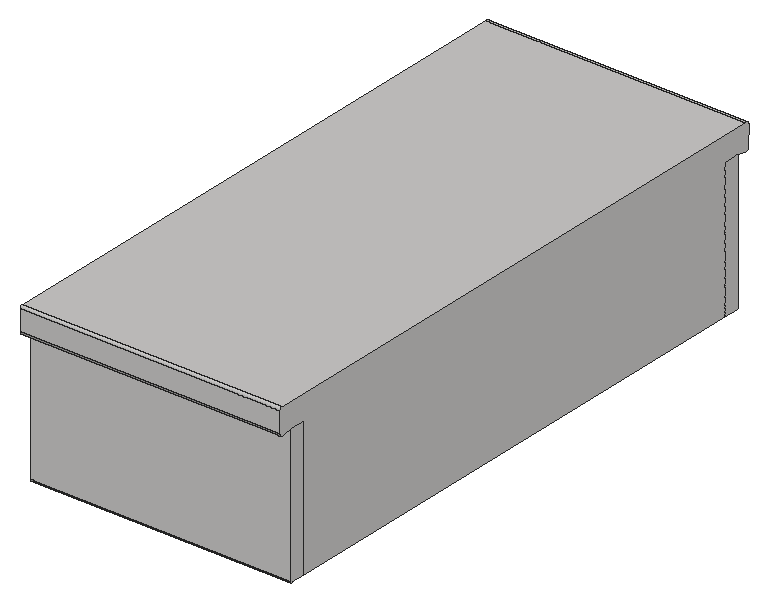
Revit family "QF_ELECTROLUXPROFESSIONAL_589156_MCNABADOOO", category Specialty Equipment, Revit 2018
Family settings
  Round Connector Dimension = Use Diameter
  Part Type = Normal
  Work Plane-Based = No
  Always vertical = Yes
  Cut with Voids When Loaded = No
  Shared = No
  Room Calculation Point = No
Parameters
  Weight in Pounds = 46
  URL Cutsheet = "www.electrolux.com/professional"
  URL = "www.electrolux.com/professional"
  Type Mark [instance] = ""
  Status [instance] = ""
  Specification by User [instance] = ""
  Specification by Manufacturer = ""
  Serial Number = ""
  Seismic Rating = ""
  SMACNA No = ""
  Revision Code [instance] = ""
  Omniclass Number and Title = ""
  NAFEM Spec ID Number = ""
  Model = "589156"
  Masterspec = ""
  Manufacturer = "ELECTROLUX"
  Item Number [instance] = ""
  Installed By [instance] = ""
  Identify Quantity as Lot [instance] = yes
  Furnished By [instance] = ""
  Foodservice Equipment Identifier [instance] = yes
  Direct Waste Size = 0"
  Description = "WORK TOP,CLOSED,1-SIDE,400X900X250H"
  CSI MasterFormat = ""
  CSI Master Format = ""
Reference planes
  plane 1 "BACK": y = 0
  plane 2: z = 0
  plane 3 "LEFT": x = 0
  plane 4 "RIGHT": x = 400
  plane 5 "FRONT": y = -900
  plane 6 "TOP": z = 250
  plane 7 "Center Y": x = 200
  plane 8 "Center X": y = -450
Forms (mm)
  Extrusion 1, solid, material "QF_Finishes_Stainless Steel"
    sketch origin (0, 50.048, 0) x (0, 1, 0) y (0, 0, 1)
      loop
        line (-95.048, 213) -> (-71.412, 213) -> (-54.743, 210.061)
        arc (-54.743, 210.061) -> (-51.477, 210.936) -> (-50.048, 214) r 4
        line (-50.048, 214) -> (-50.048, 246)
        arc (-50.048, 246) -> (-51.22, 248.828) -> (-54.048, 250) r 4
        line (-54.048, 250) -> (-946.048, 250)
        arc (-946.048, 250) -> (-948.877, 248.828) -> (-950.048, 246) r 4
        line (-950.048, 246) -> (-950.048, 214)
        arc (-950.048, 214) -> (-948.619, 210.936) -> (-945.353, 210.061) r 4
        line (-945.353, 210.061) -> (-928.509, 213) -> (-905.048, 213) -> (-905.048, 0) -> (-95.048, 0) -> (-95.048, 213)
    from 0 to 400
  Extrusion 2, solid, material "QF_Finishes_Stainless Steel"
    sketch origin (0, 50.048, 0) x (0, 1, 0) y (0, 0, 1)
      loop
        arc (-928.048, 213) -> (-929.462, 212.414) -> (-930.048, 211) r 2
        line (-930.048, 211) -> (-930.048, 2)
        arc (-930.048, 2) -> (-929.462, 0.586) -> (-928.048, 0) r 2
        line (-928.048, 0) -> (-905.048, 0) -> (-905.048, 213) -> (-928.048, 213)
      loop
        line (-72.048, 213) -> (-95.048, 213) -> (-95.048, 0) -> (-72.048, 0)
        arc (-72.048, 0) -> (-70.634, 0.586) -> (-70.048, 2) r 2
        line (-70.048, 2) -> (-70.048, 211)
        arc (-70.048, 211) -> (-70.634, 212.414) -> (-72.048, 213) r 2
    from 0 to 400
Lines and regions (mm)
  symbolic lines
    curve 1: line (0, 0, 0) -> (400, 0, 0)
    curve 2: line (0, -900, 0) -> (0, 0, 0)
    curve 3: line (400, -900, 0) -> (0, -900, 0)
    curve 4: line (400, 0, 0) -> (400, -900, 0)
Dimensions and locks
  equal spacing: plane 3 "LEFT", plane 7 "Center Y", plane 4 "RIGHT"
  plane 3 "LEFT" to plane 4 "RIGHT" = 400.00 mm
  equal spacing: plane 5 "FRONT", plane 8 "Center X", plane 1 "BACK"
  plane 5 "FRONT" to plane 1 "BACK" = 900.00 mm
  plane 6 "TOP" to level = 250.00 mm
  aligned and locked: level to plane 2
  aligned and locked: Extrusion 1 to plane 4 "RIGHT"
  aligned and locked: Extrusion 2 to plane 4 "RIGHT"
Automatic sketch dimensions
  Extrusion 1 sketch curve to plane 6 "TOP" = 0.00 mm
  Extrusion 1 sketch curve to level = 0.00 mm
  Extrusion 1 sketch curve to plane 6 "TOP" = 36.00 mm
  plane 5 "FRONT" to Extrusion 1 sketch curve = 0.00 mm
  Extrusion 1 sketch curve to plane 6 "TOP" = 39.939 mm
  Extrusion 1 sketch curve to Extrusion 1 sketch curve = 4.00 mm
  Extrusion 1 sketch curve to Extrusion 1 sketch curve = 4.695 mm  (x2)
  Extrusion 1 sketch curve to Extrusion 1 sketch curve = 16.844 mm
  Extrusion 1 sketch curve to plane 5 "FRONT" = 45.00 mm
  plane 1 "BACK" to Extrusion 1 sketch curve = 45.00 mm
  Extrusion 1 sketch curve to Extrusion 1 sketch curve = 23.636 mm
  Extrusion 1 sketch curve to Extrusion 1 sketch curve = 17.364 mm
  Extrusion 1 sketch curve to Extrusion 1 sketch curve = 21.364 mm
  Extrusion 1 sketch curve to Extrusion 1 sketch curve = 0.00 mm  (x2)
  Extrusion 1 sketch curve to Extrusion 1 sketch curve = 0.695 mm
  Extrusion 1 sketch curve to plane 6 "TOP" = 37.00 mm  (x2)
  Extrusion 1 sketch curve to Extrusion 1 sketch curve = 1.00 mm
  Extrusion 2 sketch curve to level = 0.00 mm  (x2)
  level to Extrusion 2 sketch curve = 2.00 mm  (x2)
  Extrusion 2 sketch curve to plane 5 "FRONT" = 20.00 mm
  Extrusion 2 sketch curve to Extrusion 2 sketch curve = 2.00 mm
  Extrusion 2 sketch curve to Extrusion 2 sketch curve = 23.00 mm
  plane 1 "BACK" to Extrusion 2 sketch curve = 45.00 mm
  plane 1 "BACK" to Extrusion 2 sketch curve = 22.00 mm  (x2)
  Extrusion 2 sketch curve to plane 6 "TOP" = 39.00 mm  (x2)
  curve 3 to plane 3 "LEFT" = 0.00 mm
  curve 3 to plane 4 "RIGHT" = 0.00 mm
  plane 1 "BACK" to curve 2 = 0.00 mm
  curve 4 to plane 5 "FRONT" = 0.00 mm
